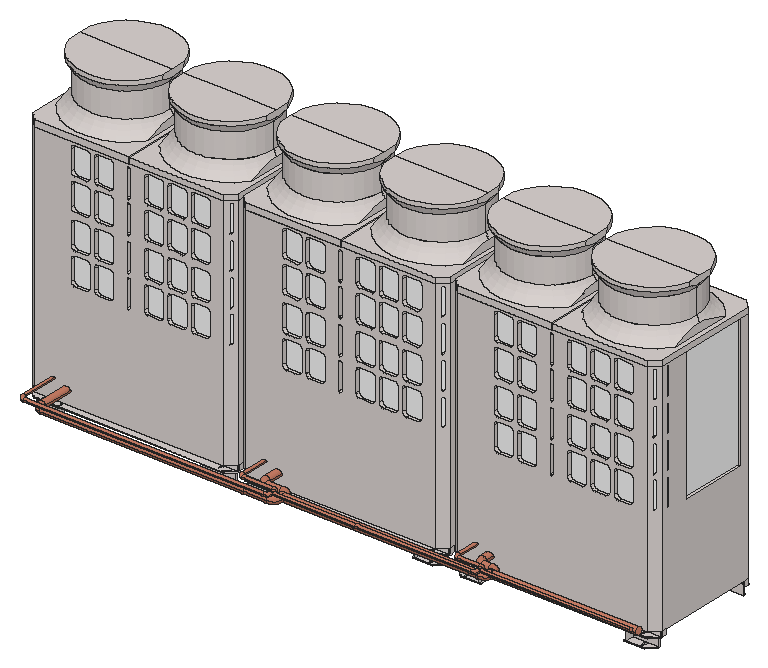
Revit family "PUHY-EP1300YSNW-A", category Mechanical Equipment, Revit 2012 (continued)
Definition of nested family "PUHY-EP450YNW-A"
  Dimensions and locks
    cut or joined group 1 (Extrusion 1, Extrusion 2, Extrusion 3, Extrusion 4, Extrusion 5, Extrusion 6, Extrusion 7, Extrusion 8, Extrusion 9, Extrusion 10, Extrusion 11, Extrusion 12, Extrusion 13, Extrusion 14, Extrusion 15, Extrusion 16, Extrusion 17, Extrusion 18, Extrusion 19, Extrusion 20, Extrusion 21, Extrusion 22, Extrusion 23, Extrusion 24, Extrusion 25, Extrusion 26, Extrusion 27, Extrusion 28, Extrusion 29, Extrusion 30, Extrusion 31, Extrusion 32, Extrusion 33) to plane 3 "Center (Left/Right)" = 620 mm
    Extrusion 1 sketch curve to Extrusion 1 sketch curve = 1240 mm
    cut or joined group 1 to plane 8 = 185 mm
    cut or joined group 1 to plane 7 = 166 mm
    cut or joined group 1 to plane 6 = 110 mm
    cut or joined group 1 to plane 12 to cut or joined group 1 = 805 mm, 621 mm
    plane 5 to plane 2 = 1858 mm  (x2)
    cut or joined group 1 to plane 19 "132" = 132 mm
    cut or joined group 1 to plane 22 = 207 mm
    cut or joined group 1 to plane 23 = 256 mm
    cut or joined group 1 to plane 6 = 60 mm
    cut or joined group 1 to cut or joined group 1 = 42.154 mm
    cut or joined group 1 to cut or joined group 1 = 11.895 mm
    nested 1 to nested 3 to level = 1798 mm, 60 mm
    nested 1 to nested 1 = 303 mm
    nested 1 to nested 3 = 1495 mm
    nested 8 to nested 8 to nested 8 to nested 7 to nested 7 to nested 7 = 54 mm, 20 mm, 592 mm, 20 mm, 54 mm
    nested 3 to nested 3 = 56 mm
    plane 11 to plane 31 to plane 32 to cut or joined group 1 = 90 mm, 1060 mm, 90 mm
    curve 103 to nested 7 = 90 mm
    curve 104 to nested 7 = 125 mm
    curve 101 to nested 7 = 100 mm
    curve 11 to curve 13 to nested 7 = 84 mm, 71 mm
    cut or joined group 1 to curve 12 to curve 14 = 125 mm, 148 mm
    nested 2 to nested 7 = 1495 mm
    curve 87 to cut or joined group 1 = 152 mm
    curve 88 to cut or joined group 1 = 172 mm
    curve 89 to cut or joined group 1 = 216 mm
    cut or joined group 1 to curve 4 to curve 2 = 128 mm, 150 mm
    cut or joined group 1 to curve 1 to curve 3 = 79 mm, 94 mm
    Extrusion 32 sketch curve to nested 7 = 116 mm
    cut or joined group 1 to Extrusion 32 sketch curve = 160 mm
    cut or joined group 1 to Extrusion 33 sketch curve = 243 mm
    Extrusion 33 sketch curve to nested 7 = 116 mm
    aligned and locked: level to plane 2
    aligned and locked: Extrusion 1 to plane 4
  Nested families
    nested 1: "FAN GUARD" at (-311.5, 2, 860), type "FAN GUARD"
      with WIDTH 870 mm
    nested 2: "FAN GUARD" at (311.5, 2, 860) x (-1, 0, 0) z (0, 0, 1), type "FAN GUARD"
      with WIDTH 870 mm
    nested 3: "ATTACHMENT LEG" at (-524, -349, 0), type "ATTACHMENT LEG"
    nested 4: "ATTACHMENT LEG" at (-524, 349, 0), type "ATTACHMENT LEG"
    nested 5: "ATTACHMENT LEG" at (524, -349, 0) x (-1, 0, 0) z (0, 0, 1), type "ATTACHMENT LEG"
    nested 6: "ATTACHMENT LEG" at (524, 349, 0) x (-1, 0, 0) z (0, 0, 1), type "ATTACHMENT LEG"
    nested 7: "BASE LEG_L_" at (0, -352, 60), type "BASE LEG_L_"
      with Width 1240 mm
    nested 8: "BASE LEG_L_" at (0, 352, 60), type "BASE LEG_L_"
      with Width 1240 mm
  Connectors
    piping at (-460, -191, 176), driven by "Liquid pipe_radius"
      settings: on cut or joined group 1, index 3, connector radius 12.7 mm, flow factor 0, pipe flow 0.0 L/s, pressure drop 0.0 Pa, fitting loss kfactor 0, connector angle 0.00°, fixture units 0, engagement length 0 mm, flow configuration 0, flow direction 0, fitting loss method 0, system type 22, joint type 0, gender type 0, connector reference index -1, connector utility 0, adjustable connector no, is connector primary yes, fitting loss table "", connector description "Refrigerant service valve<Liquid pipe>"
    piping at (-377, -191, 176), driven by "Gas pipe_radius"
      settings: on cut or joined group 1, index 4, connector radius 14.29 mm, flow factor 0, pipe flow 0.0 L/s, pressure drop 0.0 Pa, fitting loss kfactor 0, connector angle 0.00°, fixture units 0, engagement length 0 mm, flow configuration 0, flow direction 0, fitting loss method 0, system type 22, joint type 0, gender type 0, connector reference index -1, connector utility 0, adjustable connector no, is connector primary no, fitting loss table "", connector description "Refrigerant service valve<Gas>"
    electrical at (0, -370, 808)
      settings: on cut or joined group 1, index 5, voltage 0 V, apparent load 0 VA, apparent load phase1 0 VA, apparent load phase2 0 VA, apparent load phase3 0 VA, power factor 1, load classification "HVAC", number of poles 1, system type 30, power factor state 1, is connector primary yes, connector utility no, sub classification motor no, connector description ""
  Definition of nested family "FAN GUARD"
    Parameters (values of type "FAN GUARD")
      WIDTH [instance] = 870 mm
    Reference planes
      plane 1 "中心(正面/背面)": y = -2
      plane 2: z = 0
      plane 3 "ファンガード基準面": z = 661
      plane 4: y = 368
      plane 5: x = 366
      plane 6: x = -375
      plane 7 "ファンガード基準上面": z = 695
      plane 8 "ファンガード上面": z = 998
      plane 9: x = -273.971
      plane 10: x = 308.5
      plane 11: x = -308.5
      plane 12: x = 0
    Forms (mm)
      Extrusion 1, solid, material "Paint_5Y 8/1"
        sketch origin (85, 0, 661) x (-1, 0, 0) y (0, -1, 0)
          loop
            line (343.5, -368) -> (393.5, -318) -> (393.5, 322) -> (343.5, 372) -> (-223.5, 372) -> (-223.5, -368) -> (343.5, -368)
        from 0 to 34
      Revolve 2, solid, material "Paint_5Y 8/1"
        sketch origin (0, -2, 0) x (1, 0, 0) y (0, 0, 1)
          loop
            line (0, 695) -> (0, 998) -> (-290, 998) -> (-290, 972.327) -> (-260, 928.372) -> (-260, 777.384)
            arc (-260, 777.384) -> (-290.651, 730.137) -> (-334.665, 695) r 175.882
            line (-334.665, 695) -> (0, 695)
          axis (0, 998) -> (0, 695)
        angle from 0 to 360
      Extrusion 3, void
        sketch origin (-840, 75, 695) x (-1, 0, 0) y (0, -1, 0)
          loop
            line (-410, -165) -> (-410, 315) -> (-561.253, 315) -> (-561.253, -165) -> (-410, -165)
        from -35 to 430.592
      Extrusion 4, void
        sketch origin (840, 75, 695) x (1, 0, 0) y (0, 1, 0)
          loop
            line (-410, 165) -> (-561.253, 165) -> (-561.253, -315) -> (-410, -315) -> (-410, 165)
        from 0 to 430.592
    Cuts and joins
      Extrusion 3, Extrusion 4 cuts Revolve 2
      Extrusion 4 cuts Extrusion 1
    Lines and regions (mm)
      model lines
        curve 1: line (-278.747, 0, 998) -> (-80, 0, 998)
        curve 2: line (80, 0, 998) -> (278.747, 0, 998)
        curve 3: circle (0, 0, 998) r 80 normal (0, 0, 1)
        curve 4: line (-278.747, -80, 998) -> (278.747, -80, 998)
        curve 5: line (-241.868, -160, 998) -> (241.868, -160, 998)
        curve 6: line (-162.788, -240, 998) -> (162.788, -240, 998)
        curve 7: line (-278.747, 80, 998) -> (278.747, 80, 998)
        curve 8: line (-241.868, 160, 998) -> (240, 160, 998)
        curve 9: line (-160, 240, 998) -> (162.788, 240, 998)
        curve 10: line (0, 290, 998) -> (0, -290, 998)
        curve 11: line (-20, 289.31, 998) -> (-20, -289.31, 998)
        curve 12: line (-40, 287.228, 998) -> (-40, -287.228, 998)
        curve 13: line (-60, 283.725, 998) -> (-60, -283.725, 998)
        curve 14: line (-80, 278.747, 998) -> (-80, -278.747, 998)
        curve 15: line (20, 289.31, 998) -> (20, -289.31, 998)
        curve 16: line (40, 287.228, 998) -> (40, -287.228, 998)
        curve 17: line (60, 283.725, 998) -> (60, -283.725, 998)
        curve 18: line (80, 278.747, 998) -> (80, -278.747, 998)
        curve 19: line (100, 272.213, 998) -> (100, -272.213, 998)
        curve 20: line (120, 264.008, 998) -> (120, -264.008, 998)
        curve 21: line (140, 253.969, 998) -> (140, -253.969, 998)
        curve 22: line (160, 241.868, 998) -> (160, -243.132, 998)
        curve 23: line (180, 227.376, 998) -> (180, -227.624, 998)
        curve 24: line (200, 210, 998) -> (200, -210, 998)
        curve 25: line (220, 188.944, 998) -> (220, -188.944, 998)
        curve 26: line (240, 160, 998) -> (240, -162.788, 998)
        curve 27: line (260, 128.452, 998) -> (260, -128.452, 998)
        curve 28: line (-100, 272.213, 998) -> (-100, -272.213, 998)
        curve 29: line (-120, 264.008, 998) -> (-120, -264.008, 998)
        curve 30: line (-140, 253.969, 998) -> (-140, -253.969, 998)
        curve 31: line (-160, 240, 998) -> (-160, -241.868, 998)
        curve 32: line (-180, 227.376, 998) -> (-180, -227.376, 998)
        curve 33: line (-200, 210, 998) -> (-200, -210, 998)
        curve 34: line (-220, 188.944, 998) -> (-220, -188.944, 998)
        curve 35: line (-240, 162.788, 998) -> (-240, -162.788, 998)
        curve 36: line (-260, 128.452, 998) -> (-260, -128.452, 998)
        curve 37: line (10, 79.373, 998) -> (10, -79.373, 998)
        curve 38: line (-10, 79.373, 998) -> (-10, -79.373, 998)
        curve 39: line (30, 74.162, 998) -> (30, -74.162, 998)
        curve 40: line (50, 62.45, 998) -> (50, -62.45, 998)
        curve 41: line (70, 38.73, 998) -> (70, -38.73, 998)
        curve 42: line (-30, 74.162, 998) -> (-30, -74.162, 998)
        curve 43: line (-50, 62.45, 998) -> (-50, -62.45, 998)
        curve 44: line (-70, 38.73, 998) -> (-70, -38.73, 998)
    Dimensions and locks
      locked: plane 8 "ファンガード上面" to plane 7 "ファンガード基準上面" at 303
      plane 8 "ファンガード上面" to plane 3 "ファンガード基準面" = 337 mm
      Revolve 2 sketch curve to Revolve 2 sketch curve = 290 mm
      Extrusion 1 sketch curve to Extrusion 1 sketch curve = 740 mm
      equal spacing: Extrusion 1 sketch curve, plane 1 "中心(正面/背面)", Extrusion 1 sketch curve
      plane 6 to plane 5 = 741 mm
      Extrusion 1 sketch curve to Extrusion 1 sketch curve = 617 mm
      plane 11 to plane 10 = 617 mm
      cut or joined group of Extrusion 1, Extrusion 4 to cut or joined group of Extrusion 1, Extrusion 4 = 617 mm
      cut or joined group of Extrusion 1, Extrusion 4 to cut or joined group of Extrusion 1, Extrusion 4 = 740 mm
      aligned and locked: level to plane 2
      aligned and locked: plane 7 "ファンガード基準上面" to Extrusion 1
      aligned and locked: plane 3 "ファンガード基準面" to Extrusion 1
      aligned and locked: cut or joined group of Revolve 2, Extrusion 3, Extrusion 4 to plane 8 "ファンガード上面"
  Definition of nested family "ATTACHMENT LEG"
    Parameters (values of type "ATTACHMENT LEG")
      Width = 145 mm
    Reference planes
      plane 1: z = 0
      plane 2 "中心(左/右)": x = -6
      plane 3: x = -52
      plane 4: x = 85
      plane 5: x = 93
      plane 6: y = -21
      plane 7: y = 27
      plane 8: x = -30
      plane 9: y = 39
      plane 10: z = 60
      plane 11: z = 57
      plane 12: z = 3
      plane 13: x = 82
      plane 14: y = 36
      plane 15: x = -75
      plane 16: y = 31
      plane 17 "幅": x = 93
      plane 18: y = 2.5
      plane 19: y = 21
      plane 20: y = -10
    Forms (mm)
      Extrusion 1, solid, material "Paint_5Y 8/1"
        sketch origin (0, -1, 0) x (1, 0, 0) y (0, 1, 0)
          loop
            line (-75, 36) -> (-75, 27) -> (-28, -20) -> (93, -20) -> (93, 32) -> (85, 32) -> (85, 36) -> (-75, 36)
        from 0 to 60
      Extrusion 2, void
        sketch origin (0, -3, 0) x (1, 0, 0) y (0, 0, 1)
          loop
            line (-75, 57) -> (-75, 3) -> (82, 3) -> (82, 57) -> (-75, 57)
          loop
            line (93, 57) -> (85, 57) -> (85, 3) -> (93, 3) -> (93, 57)
        from -35 to 18
      Extrusion 3, void
        sketch origin (-6, 5.5, 0) x (1, 0, 0) y (0, 1, 0)
          loop
            arc (-7, -8.5) -> (0, -15.5) -> (7, -8.5) r 7
            line (7, -8.5) -> (7, 8.5)
            arc (7, 8.5) -> (0, 15.5) -> (-7, 8.5) r 7
            line (-7, 8.5) -> (-7, -8.5)
        from 0 to 60
    Cuts and joins
      Extrusion 2, Extrusion 3 cuts Extrusion 1
    Dimensions and locks
      locked: plane 3 to plane 4 at 137
      locked: plane 3 to plane 5 at 145
      plane 6 to plane 7 = 48 mm
      locked: plane 10 to level at 60
      Extrusion 3 sketch curve to plane 2 "中心(左/右)" = 7 mm
      locked: plane 15 to plane 2 "中心(左/右)" at 69
      locked: plane 15 to plane 8 at 45
      locked: plane 6 to plane 18 at 23.5
      cut or joined group of Extrusion 1, Extrusion 2, Extrusion 3 to cut or joined group of Extrusion 1, Extrusion 2, Extrusion 3 = 168 mm
      cut or joined group of Extrusion 1, Extrusion 2, Extrusion 3 to cut or joined group of Extrusion 1, Extrusion 2, Extrusion 3 = 56 mm  (x2)
      plane 14 to plane 6 = 57 mm
      aligned and locked: level to plane 1
      aligned and locked: Extrusion 1 sketch curve to plane 4
      aligned and locked: Extrusion 1 sketch curve to plane 5
      aligned: plane 8 to Extrusion 1 sketch curve
      aligned and locked: plane 10 to Extrusion 1
      aligned and locked: Extrusion 2 sketch curve to plane 11
      aligned: plane 3 to Extrusion 2 sketch curve
      aligned and locked: plane 12 to Extrusion 2 sketch curve
      aligned and locked: Extrusion 2 sketch curve to plane 13
      aligned and locked: plane 6 to Extrusion 2
      aligned and locked: plane 11 to Extrusion 2 sketch curve
      aligned and locked: plane 5 to Extrusion 2 sketch curve
      aligned and locked: Extrusion 2 sketch curve to plane 12
      aligned and locked: Extrusion 2 sketch curve to plane 4
      aligned and locked: plane 15 to Extrusion 1 sketch curve
      aligned and locked: Extrusion 2 sketch curve to cut or joined group of Extrusion 1, Extrusion 2, Extrusion 3
      aligned and locked: Extrusion 1 to plane 16
  Definition of nested family "BASE LEG_L_"
    Parameters (values of type "BASE LEG_L_")
      Width [instance] = 1240 mm
    Reference planes
      plane 1 "中心(正面/背面)": y = 0
      plane 2: z = 0
      plane 3 "中心(左/右)": x = 0
      plane 4: x = 620
      plane 5: x = -620
      plane 6: x = -530
      plane 7: x = 530
      plane 8: y = -18
      plane 9: y = 39
      plane 10: z = 53
      plane 11: y = 42
      plane 12: y = 27
      plane 13: x = 575
      plane 14: x = -575
      plane 15: z = 8
      plane 16: y = 11.5
      plane 17: z = 35
    Forms (mm)
      Extrusion 1, solid, material "Paint_5Y 8/1"
        sketch origin (0, 0, 0) x (0, 1, 0) y (0, 0, 1)
          loop
            line (-18, 0) -> (36, 0) -> (36, 32) -> (56, 32) -> (56, 35) -> (33, 35) -> (33, 3) -> (-18, 3) -> (-18, 0)
        from -620 to 620
      Extrusion 2, void
        sketch origin (0, 0, 0) x (1, 0, 0) y (0, 1, 0)
          loop
            line (575, -18) -> (620, -18) -> (620, 27) -> (575, -18)
          loop
            line (-575, -18) -> (-620, 27) -> (-620, -18) -> (-575, -18)
        from 0 to 250
      Extrusion 3, void
        sketch origin (0, 12.023, 0) x (1, 0, 0) y (0, 1, 0)
          loop
            arc (523, -2.971) -> (530, -9.971) -> (537, -2.971) r 7
            line (537, -2.971) -> (537, 3.023)
            arc (537, 3.023) -> (530, 10.023) -> (523, 3.023) r 7
            line (523, 3.023) -> (523, -2.971)
          loop
            line (-523, -2.971) -> (-523, 3.023)
            arc (-523, 3.023) -> (-530, 10.023) -> (-537, 3.023) r 7
            line (-537, 3.023) -> (-537, -2.971)
            arc (-537, -2.971) -> (-530, -9.971) -> (-523, -2.971) r 7
        from 0 to 250
      Extrusion 4, solid, material "Paint_5Y 8/1"
        sketch origin (0, 0, -3) x (1, 0, 0) y (0, 0, 1)
          loop
            line (617, 8) -> (620, 8) -> (620, 35) -> (617, 35) -> (617, 8)
          loop
            line (-617, 8) -> (-617, 35) -> (-620, 35) -> (-620, 8) -> (-617, 8)
        from -36 to -56
      Extrusion 5, solid, material "Paint_5Y 8/1"
        sketch origin (150, 352, 0) x (1, 0, 0) y (0, 1, 0)
          loop
            line (460, -319) -> (455, -319) -> (455, -320) -> (405, -370) -> (410, -370) -> (460, -320) -> (460, -319)
        from 3 to 35
      Extrusion 6, void
        sketch origin (560, -18, 0) x (0.707107, 0.707107, 0) y (0, 0, 1)
          loop
            line (70.711, 3) -> (-6.741, 39.767) -> (-6.741, 3) -> (70.711, 3)
        from -190.256 to 23.776
      Extrusion 7, solid, material "Paint_5Y 8/1"
        sketch origin (-150, 352, 0) x (-1, 0, 0) y (0, -1, 0)
          loop
            line (460, 319) -> (460, 320) -> (410, 370) -> (405, 370) -> (455, 320) -> (455, 319) -> (460, 319)
        from 3 to 35
      Extrusion 8, void
        sketch origin (-560, -18, 0) x (0.707107, -0.707107, 0) y (0, 0, -1)
          loop
            line (-70.711, -3) -> (0, -35) -> (6.741, -35) -> (6.741, -3) -> (-70.711, -3)
        from -190.256 to 23.776
    Cuts and joins
      Extrusion 2, Extrusion 3 cuts Extrusion 1
      joined: Extrusion 1, Extrusion 4
      Extrusion 8 cuts Extrusion 7
      Extrusion 6 cuts Extrusion 5
    Dimensions and locks
      "Width": plane 5 to plane 4
      equal spacing: plane 5, plane 3 "中心(左/右)", plane 4
      locked: plane 5 to plane 6 at 90
      locked: plane 7 to plane 4 at 90
      locked: plane 8 to plane 9 at 57
      locked: plane 10 to level at 53
      locked: plane 9 to plane 11 at 3
      plane 8 to plane 12 = 45 mm
      locked: plane 13 to plane 4 at 45
      locked: plane 5 to plane 14 at 45
      equal spacing: Extrusion 3 sketch curve, plane 7, Extrusion 3 sketch curve
      equal spacing: Extrusion 3 sketch curve, plane 6, Extrusion 3 sketch curve
      locked: plane 10 to plane 15 at 45
      locked: cut or joined group of Extrusion 1, Extrusion 2, Extrusion 3, Extrusion 4 to Extrusion 4 sketch curve at 3  (x2)
      locked: plane 8 to plane 16 at 29.5
      plane 8 to plane 11 = 60 mm
      cut or joined group of Extrusion 1, Extrusion 2, Extrusion 3, Extrusion 4 to cut or joined group of Extrusion 1, Extrusion 2, Extrusion 3, Extrusion 4 = 35 mm
      aligned and locked: level to plane 2
      aligned and locked: plane 8 to Extrusion 1 sketch curve
      aligned and locked: plane 4 to Extrusion 1
      aligned and locked: Extrusion 1 to plane 5
      aligned and locked: Extrusion 2 sketch curve to plane 4
      aligned and locked: Extrusion 2 sketch curve to plane 8
      aligned and locked: plane 12 to Extrusion 2 sketch curve
      aligned and locked: plane 13 to Extrusion 2 sketch curve
      aligned and locked: plane 4 to Extrusion 4 sketch curve
      aligned and locked: plane 5 to Extrusion 4 sketch curve
      aligned and locked: cut or joined group of Extrusion 7, Extrusion 8 to cut or joined group of Extrusion 1, Extrusion 2, Extrusion 3, Extrusion 4
    Automatic sketch dimensions
      Extrusion 3 sketch curve to plane 1 "中心(正面/背面)" = 9.052 mm  (x2)
      Extrusion 3 sketch curve to plane 7 = 7 mm
      Extrusion 3 sketch curve to plane 1 "中心(正面/背面)" = 15.046 mm  (x2)
      Extrusion 3 sketch curve to plane 6 = 7 mm
      Extrusion 2 sketch curve to plane 5 = 0 mm
      plane 8 to Extrusion 2 sketch curve = 0 mm
      Extrusion 2 sketch curve to plane 14 = 0 mm
      plane 12 to Extrusion 2 sketch curve = 0 mm
      Extrusion 4 sketch curve to plane 10 = 21 mm
      plane 7 to Extrusion 5 sketch curve = 25 mm
      Extrusion 5 sketch curve to Extrusion 5 sketch curve = 5 mm  (x2)
      plane 7 to Extrusion 5 sketch curve = 75 mm
      plane 8 to Extrusion 5 sketch curve = 0 mm
      Extrusion 5 sketch curve to Extrusion 5 sketch curve = 50 mm
      Extrusion 5 sketch curve to Extrusion 5 sketch curve = 0 mm
      Extrusion 5 sketch curve to Extrusion 5 sketch curve = 1 mm
      Extrusion 6 sketch curve to Extrusion 5 = 0 mm  (x2)
      Extrusion 6 sketch curve to Extrusion 5 = 6.741 mm
      Extrusion 6 sketch curve to Extrusion 5 = 4.767 mm
      plane 6 to Extrusion 7 sketch curve = 25 mm
      Extrusion 7 sketch curve to Extrusion 7 sketch curve = 5 mm  (x2)
      Extrusion 7 sketch curve to Extrusion 7 sketch curve = 45 mm
      Extrusion 7 sketch curve to plane 8 = 0 mm
      Extrusion 7 sketch curve to Extrusion 7 sketch curve = 50 mm
      Extrusion 7 sketch curve to Extrusion 7 sketch curve = 0 mm
      Extrusion 7 sketch curve to Extrusion 7 sketch curve = 1 mm
      Extrusion 8 sketch curve to Extrusion 7 = 0 mm  (x2)
      Extrusion 7 to Extrusion 8 sketch curve = 0 mm  (x2)
      Extrusion 7 to Extrusion 8 sketch curve = 6.741 mm
      Extrusion 4 sketch curve to plane 17 = 3 mm
      Extrusion 4 sketch curve to plane 15 = 3 mm  (x2)
      Extrusion 1 sketch curve to plane 17 = 0 mm
      Extrusion 1 sketch curve to level = 0 mm
      level to Extrusion 1 sketch curve = 3 mm
      plane 9 to Extrusion 1 sketch curve = 6 mm
      plane 9 to Extrusion 1 sketch curve = 3 mm
      Extrusion 1 sketch curve to plane 17 = 3 mm
      Extrusion 1 sketch curve to plane 11 = 14 mm
Definition of nested family "PUHY-EP400YNW-A"
  Parameters (values of type "PUHY-P400YNW-A")
    Model = "PUHY-P400YNW-A"
    URL = "http://www.mitsubishielectric.com/"
    Manufacturer = "Mitsubishi Electric Corporation"
    Liquid pipe_radius = 12.7 mm
    Gas pipe_radius = 14.29 mm
  Reference planes
    plane 1 "Center (Front/Back)": y = 0
    plane 2: z = 0
    plane 3 "Center (Left/Right)": x = 0
    plane 4: y = 370
    plane 5: z = 1858
    plane 6: y = -260
    plane 7: y = -204
    plane 8: y = -185
    plane 9: x = -620
    plane 10: x = 620
    plane 11: x = -620
    plane 12: z = 716
    plane 13: x = -524
    plane 14: z = 669
    plane 15: x = -50.5
    plane 16: x = 51
    plane 17: x = 489
    plane 18: x = 467
    plane 19 "132": x = 488
    plane 20 "100": z = 160
    plane 21: z = 185
    plane 22: x = 413
    plane 23: x = 364
    plane 24: z = 150
    plane 25: x = -287.25
    plane 26: x = -137.25
    plane 27: x = -272.25
    plane 28: y = -278
    plane 29: z = 1509
    plane 30: y = -370
    plane 31: x = -530
    plane 32: x = 530
    plane 33 "179": y = -191
  Forms (mm)
    Extrusion 1, solid, material "Paint_5Y 8/1"
      sketch origin (-1, 0, 113) x (-1, 0, 0) y (0, -1, 0)
        loop
          line (569, -370) -> (619, -320) -> (619, 320) -> (569, 370) -> (-571, 370) -> (-621, 320) -> (-621, -320) -> (-571, -370) -> (569, -370)
      from -18 to 1408
    Extrusion 2, void
      sketch origin (524, -370, 113) x (1, 0, 0) y (0, 0, -1)
        loop
          arc (-60.8, -1393.5) -> (-42.557, -1385.943) -> (-35, -1367.7) r 25.8
          line (-35, -1367.7) -> (-35, -1248.5)
          arc (-35, -1248.5) -> (-42.557, -1230.257) -> (-60.8, -1222.7) r 25.8
          line (-60.8, -1222.7) -> (-126, -1222.7)
          arc (-126, -1222.7) -> (-144.243, -1230.257) -> (-151.8, -1248.5) r 25.8
          line (-151.8, -1248.5) -> (-151.8, -1367.7)
          arc (-151.8, -1367.7) -> (-144.243, -1385.943) -> (-126, -1393.5) r 25.8
          line (-126, -1393.5) -> (-60.8, -1393.5)
      from 0 to 20
    Extrusion 3, void
      sketch origin (524, -370, -81) x (1, 0, 0) y (0, 0, -1)
        loop
          arc (-60.8, -1393.5) -> (-42.557, -1385.943) -> (-35, -1367.7) r 25.8
          line (-35, -1367.7) -> (-35, -1248.5)
          arc (-35, -1248.5) -> (-42.557, -1230.257) -> (-60.8, -1222.7) r 25.8
          line (-60.8, -1222.7) -> (-126, -1222.7)
          arc (-126, -1222.7) -> (-144.243, -1230.257) -> (-151.8, -1248.5) r 25.8
          line (-151.8, -1248.5) -> (-151.8, -1367.7)
          arc (-151.8, -1367.7) -> (-144.243, -1385.943) -> (-126, -1393.5) r 25.8
          line (-126, -1393.5) -> (-60.8, -1393.5)
      from 0 to 20
    Extrusion 4, void
      sketch origin (524, -370, -287) x (1, 0, 0) y (0, 0, -1)
        loop
          arc (-60.8, -1393.5) -> (-42.557, -1385.943) -> (-35, -1367.7) r 25.8
          line (-35, -1367.7) -> (-35, -1248.5)
          arc (-35, -1248.5) -> (-42.557, -1230.257) -> (-60.8, -1222.7) r 25.8
          line (-60.8, -1222.7) -> (-126, -1222.7)
          arc (-126, -1222.7) -> (-144.243, -1230.257) -> (-151.8, -1248.5) r 25.8
          line (-151.8, -1248.5) -> (-151.8, -1367.7)
          arc (-151.8, -1367.7) -> (-144.243, -1385.943) -> (-126, -1393.5) r 25.8
          line (-126, -1393.5) -> (-60.8, -1393.5)
      from 0 to 20
    Extrusion 5, void
      sketch origin (524, -370, -481) x (1, 0, 0) y (0, 0, -1)
        loop
          arc (-60.8, -1393.5) -> (-42.557, -1385.943) -> (-35, -1367.7) r 25.8
          line (-35, -1367.7) -> (-35, -1248.5)
          arc (-35, -1248.5) -> (-42.557, -1230.257) -> (-60.8, -1222.7) r 25.8
          line (-60.8, -1222.7) -> (-126, -1222.7)
          arc (-126, -1222.7) -> (-144.243, -1230.257) -> (-151.8, -1248.5) r 25.8
          line (-151.8, -1248.5) -> (-151.8, -1367.7)
          arc (-151.8, -1367.7) -> (-144.243, -1385.943) -> (-126, -1393.5) r 25.8
          line (-126, -1393.5) -> (-60.8, -1393.5)
      from 0 to 20
    Extrusion 6, void
      sketch origin (384, -370, 113) x (1, 0, 0) y (0, 0, -1)
        loop
          arc (-60.8, -1393.5) -> (-42.557, -1385.943) -> (-35, -1367.7) r 25.8
          line (-35, -1367.7) -> (-35, -1248.5)
          arc (-35, -1248.5) -> (-42.557, -1230.257) -> (-60.8, -1222.7) r 25.8
          line (-60.8, -1222.7) -> (-126, -1222.7)
          arc (-126, -1222.7) -> (-144.243, -1230.257) -> (-151.8, -1248.5) r 25.8
          line (-151.8, -1248.5) -> (-151.8, -1367.7)
          arc (-151.8, -1367.7) -> (-144.243, -1385.943) -> (-126, -1393.5) r 25.8
          line (-126, -1393.5) -> (-60.8, -1393.5)
      from 0 to 20
    Extrusion 7, void
      sketch origin (384, -370, -81) x (1, 0, 0) y (0, 0, -1)
        loop
          arc (-60.8, -1393.5) -> (-42.557, -1385.943) -> (-35, -1367.7) r 25.8
          line (-35, -1367.7) -> (-35, -1248.5)
          arc (-35, -1248.5) -> (-42.557, -1230.257) -> (-60.8, -1222.7) r 25.8
          line (-60.8, -1222.7) -> (-126, -1222.7)
          arc (-126, -1222.7) -> (-144.243, -1230.257) -> (-151.8, -1248.5) r 25.8
          line (-151.8, -1248.5) -> (-151.8, -1367.7)
          arc (-151.8, -1367.7) -> (-144.243, -1385.943) -> (-126, -1393.5) r 25.8
          line (-126, -1393.5) -> (-60.8, -1393.5)
      from 0 to 20
    Extrusion 8, void
      sketch origin (384, -370, -287) x (1, 0, 0) y (0, 0, -1)
        loop
          arc (-60.8, -1393.5) -> (-42.557, -1385.943) -> (-35, -1367.7) r 25.8
          line (-35, -1367.7) -> (-35, -1248.5)
          arc (-35, -1248.5) -> (-42.557, -1230.257) -> (-60.8, -1222.7) r 25.8
          line (-60.8, -1222.7) -> (-126, -1222.7)
          arc (-126, -1222.7) -> (-144.243, -1230.257) -> (-151.8, -1248.5) r 25.8
          line (-151.8, -1248.5) -> (-151.8, -1367.7)
          arc (-151.8, -1367.7) -> (-144.243, -1385.943) -> (-126, -1393.5) r 25.8
          line (-126, -1393.5) -> (-60.8, -1393.5)
      from 0 to 20
    Extrusion 9, void
      sketch origin (384, -370, -481) x (1, 0, 0) y (0, 0, -1)
        loop
          arc (-60.8, -1393.5) -> (-42.557, -1385.943) -> (-35, -1367.7) r 25.8
          line (-35, -1367.7) -> (-35, -1248.5)
          arc (-35, -1248.5) -> (-42.557, -1230.257) -> (-60.8, -1222.7) r 25.8
          line (-60.8, -1222.7) -> (-126, -1222.7)
          arc (-126, -1222.7) -> (-144.243, -1230.257) -> (-151.8, -1248.5) r 25.8
          line (-151.8, -1248.5) -> (-151.8, -1367.7)
          arc (-151.8, -1367.7) -> (-144.243, -1385.943) -> (-126, -1393.5) r 25.8
          line (-126, -1393.5) -> (-60.8, -1393.5)
      from 0 to 20
    Extrusion 10, void
      sketch origin (244, -370, 113) x (1, 0, 0) y (0, 0, -1)
        loop
          arc (-60.8, -1393.5) -> (-42.557, -1385.943) -> (-35, -1367.7) r 25.8
          line (-35, -1367.7) -> (-35, -1248.5)
          arc (-35, -1248.5) -> (-42.557, -1230.257) -> (-60.8, -1222.7) r 25.8
          line (-60.8, -1222.7) -> (-126, -1222.7)
          arc (-126, -1222.7) -> (-144.243, -1230.257) -> (-151.8, -1248.5) r 25.8
          line (-151.8, -1248.5) -> (-151.8, -1367.7)
          arc (-151.8, -1367.7) -> (-144.243, -1385.943) -> (-126, -1393.5) r 25.8
          line (-126, -1393.5) -> (-60.8, -1393.5)
      from 0 to 20
    Extrusion 11, void
      sketch origin (244, -370, -81) x (1, 0, 0) y (0, 0, -1)
        loop
          arc (-60.8, -1393.5) -> (-42.557, -1385.943) -> (-35, -1367.7) r 25.8
          line (-35, -1367.7) -> (-35, -1248.5)
          arc (-35, -1248.5) -> (-42.557, -1230.257) -> (-60.8, -1222.7) r 25.8
          line (-60.8, -1222.7) -> (-126, -1222.7)
          arc (-126, -1222.7) -> (-144.243, -1230.257) -> (-151.8, -1248.5) r 25.8
          line (-151.8, -1248.5) -> (-151.8, -1367.7)
          arc (-151.8, -1367.7) -> (-144.243, -1385.943) -> (-126, -1393.5) r 25.8
          line (-126, -1393.5) -> (-60.8, -1393.5)
      from 0 to 20
    Extrusion 12, void
      sketch origin (244, -370, -287) x (1, 0, 0) y (0, 0, -1)
        loop
          arc (-60.8, -1393.5) -> (-42.557, -1385.943) -> (-35, -1367.7) r 25.8
          line (-35, -1367.7) -> (-35, -1248.5)
          arc (-35, -1248.5) -> (-42.557, -1230.257) -> (-60.8, -1222.7) r 25.8
          line (-60.8, -1222.7) -> (-126, -1222.7)
          arc (-126, -1222.7) -> (-144.243, -1230.257) -> (-151.8, -1248.5) r 25.8
          line (-151.8, -1248.5) -> (-151.8, -1367.7)
          arc (-151.8, -1367.7) -> (-144.243, -1385.943) -> (-126, -1393.5) r 25.8
          line (-126, -1393.5) -> (-60.8, -1393.5)
      from 0 to 20
    Extrusion 13, void
      sketch origin (244, -370, -481) x (1, 0, 0) y (0, 0, -1)
        loop
          arc (-60.8, -1393.5) -> (-42.557, -1385.943) -> (-35, -1367.7) r 25.8
          line (-35, -1367.7) -> (-35, -1248.5)
          arc (-35, -1248.5) -> (-42.557, -1230.257) -> (-60.8, -1222.7) r 25.8
          line (-60.8, -1222.7) -> (-126, -1222.7)
          arc (-126, -1222.7) -> (-144.243, -1230.257) -> (-151.8, -1248.5) r 25.8
          line (-151.8, -1248.5) -> (-151.8, -1367.7)
          arc (-151.8, -1367.7) -> (-144.243, -1385.943) -> (-126, -1393.5) r 25.8
          line (-126, -1393.5) -> (-60.8, -1393.5)
      from 0 to 20
    Extrusion 14, void
      sketch origin (-56, -370, 113) x (1, 0, 0) y (0, 0, -1)
        loop
          arc (-60.8, -1393.5) -> (-42.557, -1385.943) -> (-35, -1367.7) r 25.8
          line (-35, -1367.7) -> (-35, -1248.5)
          arc (-35, -1248.5) -> (-42.557, -1230.257) -> (-60.8, -1222.7) r 25.8
          line (-60.8, -1222.7) -> (-126, -1222.7)
          arc (-126, -1222.7) -> (-144.243, -1230.257) -> (-151.8, -1248.5) r 25.8
          line (-151.8, -1248.5) -> (-151.8, -1367.7)
          arc (-151.8, -1367.7) -> (-144.243, -1385.943) -> (-126, -1393.5) r 25.8
          line (-126, -1393.5) -> (-60.8, -1393.5)
      from 0 to 20
    Extrusion 15, void
      sketch origin (-56, -370, -81) x (1, 0, 0) y (0, 0, -1)
        loop
          arc (-60.8, -1393.5) -> (-42.557, -1385.943) -> (-35, -1367.7) r 25.8
          line (-35, -1367.7) -> (-35, -1248.5)
          arc (-35, -1248.5) -> (-42.557, -1230.257) -> (-60.8, -1222.7) r 25.8
          line (-60.8, -1222.7) -> (-126, -1222.7)
          arc (-126, -1222.7) -> (-144.243, -1230.257) -> (-151.8, -1248.5) r 25.8
          line (-151.8, -1248.5) -> (-151.8, -1367.7)
          arc (-151.8, -1367.7) -> (-144.243, -1385.943) -> (-126, -1393.5) r 25.8
          line (-126, -1393.5) -> (-60.8, -1393.5)
      from 0 to 20
    Extrusion 16, void
      sketch origin (-56, -370, -287) x (1, 0, 0) y (0, 0, -1)
        loop
          arc (-60.8, -1393.5) -> (-42.557, -1385.943) -> (-35, -1367.7) r 25.8
          line (-35, -1367.7) -> (-35, -1248.5)
          arc (-35, -1248.5) -> (-42.557, -1230.257) -> (-60.8, -1222.7) r 25.8
          line (-60.8, -1222.7) -> (-126, -1222.7)
          arc (-126, -1222.7) -> (-144.243, -1230.257) -> (-151.8, -1248.5) r 25.8
          line (-151.8, -1248.5) -> (-151.8, -1367.7)
          arc (-151.8, -1367.7) -> (-144.243, -1385.943) -> (-126, -1393.5) r 25.8
          line (-126, -1393.5) -> (-60.8, -1393.5)
      from 0 to 20
    Extrusion 17, void
      sketch origin (-56, -370, -481) x (1, 0, 0) y (0, 0, -1)
        loop
          arc (-60.8, -1393.5) -> (-42.557, -1385.943) -> (-35, -1367.7) r 25.8
          line (-35, -1367.7) -> (-35, -1248.5)
          arc (-35, -1248.5) -> (-42.557, -1230.257) -> (-60.8, -1222.7) r 25.8
          line (-60.8, -1222.7) -> (-126, -1222.7)
          arc (-126, -1222.7) -> (-144.243, -1230.257) -> (-151.8, -1248.5) r 25.8
          line (-151.8, -1248.5) -> (-151.8, -1367.7)
          arc (-151.8, -1367.7) -> (-144.243, -1385.943) -> (-126, -1393.5) r 25.8
          line (-126, -1393.5) -> (-60.8, -1393.5)
      from 0 to 20
    Extrusion 18, void
      sketch origin (-196, -370, 113) x (1, 0, 0) y (0, 0, -1)
        loop
          arc (-60.8, -1393.5) -> (-42.557, -1385.943) -> (-35, -1367.7) r 25.8
          line (-35, -1367.7) -> (-35, -1248.5)
          arc (-35, -1248.5) -> (-42.557, -1230.257) -> (-60.8, -1222.7) r 25.8
          line (-60.8, -1222.7) -> (-126, -1222.7)
          arc (-126, -1222.7) -> (-144.243, -1230.257) -> (-151.8, -1248.5) r 25.8
          line (-151.8, -1248.5) -> (-151.8, -1367.7)
          arc (-151.8, -1367.7) -> (-144.243, -1385.943) -> (-126, -1393.5) r 25.8
          line (-126, -1393.5) -> (-60.8, -1393.5)
      from 0 to 20
    Extrusion 19, void
      sketch origin (-196, -370, -81) x (1, 0, 0) y (0, 0, -1)
        loop
          arc (-60.8, -1393.5) -> (-42.557, -1385.943) -> (-35, -1367.7) r 25.8
          line (-35, -1367.7) -> (-35, -1248.5)
          arc (-35, -1248.5) -> (-42.557, -1230.257) -> (-60.8, -1222.7) r 25.8
          line (-60.8, -1222.7) -> (-126, -1222.7)
          arc (-126, -1222.7) -> (-144.243, -1230.257) -> (-151.8, -1248.5) r 25.8
          line (-151.8, -1248.5) -> (-151.8, -1367.7)
          arc (-151.8, -1367.7) -> (-144.243, -1385.943) -> (-126, -1393.5) r 25.8
          line (-126, -1393.5) -> (-60.8, -1393.5)
      from 0 to 20
    Extrusion 20, void
      sketch origin (-196, -370, -287) x (1, 0, 0) y (0, 0, -1)
        loop
          arc (-60.8, -1393.5) -> (-42.557, -1385.943) -> (-35, -1367.7) r 25.8
          line (-35, -1367.7) -> (-35, -1248.5)
          arc (-35, -1248.5) -> (-42.557, -1230.257) -> (-60.8, -1222.7) r 25.8
          line (-60.8, -1222.7) -> (-126, -1222.7)
          arc (-126, -1222.7) -> (-144.243, -1230.257) -> (-151.8, -1248.5) r 25.8
          line (-151.8, -1248.5) -> (-151.8, -1367.7)
          arc (-151.8, -1367.7) -> (-144.243, -1385.943) -> (-126, -1393.5) r 25.8
          line (-126, -1393.5) -> (-60.8, -1393.5)
      from 0 to 20
    Extrusion 21, void
      sketch origin (-196, -370, -481) x (1, 0, 0) y (0, 0, -1)
        loop
          arc (-60.8, -1393.5) -> (-42.557, -1385.943) -> (-35, -1367.7) r 25.8
          line (-35, -1367.7) -> (-35, -1248.5)
          arc (-35, -1248.5) -> (-42.557, -1230.257) -> (-60.8, -1222.7) r 25.8
          line (-60.8, -1222.7) -> (-126, -1222.7)
          arc (-126, -1222.7) -> (-144.243, -1230.257) -> (-151.8, -1248.5) r 25.8
          line (-151.8, -1248.5) -> (-151.8, -1367.7)
          arc (-151.8, -1367.7) -> (-144.243, -1385.943) -> (-126, -1393.5) r 25.8
          line (-126, -1393.5) -> (-60.8, -1393.5)
      from 0 to 20
    Extrusion 22, void
      sketch origin (620, 320, 113) x (0, 1, 0) y (0, 0, -1)
        loop
          line (-462.3, -1408) -> (-50.8, -1408) -> (-50.8, -612) -> (-462.3, -612) -> (-462.3, -1408)
      from 0 to 20
    Extrusion 23, void
      sketch origin (-620, -320, 113) x (0, -1, 0) y (0, 0, -1)
        loop
          line (-535.7, -1408) -> (-207.7, -1408) -> (-207.7, -592) -> (-535.7, -592) -> (-535.7, -1408)
      from 0 to 20
    Extrusion 24, void
      sketch origin (194.892, 370, 113) x (-1, 0, 0) y (0, 0, -1)
        loop
          arc (204.892, -1225.013) -> (194.892, -1215.013) -> (184.892, -1225.013) r 10
          line (184.892, -1225.013) -> (184.892, -1379.987)
          arc (184.892, -1379.987) -> (194.892, -1389.987) -> (204.892, -1379.987) r 10
          line (204.892, -1379.987) -> (204.892, -1225.013)
        loop
          arc (204.892, -1031.013) -> (194.892, -1021.013) -> (184.892, -1031.013) r 10
          line (184.892, -1031.013) -> (184.892, -1185.987)
          arc (184.892, -1185.987) -> (194.892, -1195.987) -> (204.892, -1185.987) r 10
          line (204.892, -1185.987) -> (204.892, -1031.013)
        loop
          arc (204.892, -825.013) -> (194.892, -815.013) -> (184.892, -825.013) r 10
          line (184.892, -825.013) -> (184.892, -979.987)
          arc (184.892, -979.987) -> (194.892, -989.987) -> (204.892, -979.987) r 10
          line (204.892, -979.987) -> (204.892, -825.013)
        loop
          arc (204.892, -631.013) -> (194.892, -621.013) -> (184.892, -631.013) r 10
          line (184.892, -631.013) -> (184.892, -785.987)
          arc (184.892, -785.987) -> (194.892, -795.987) -> (204.892, -785.987) r 10
          line (204.892, -785.987) -> (204.892, -631.013)
      from 0 to 20
    Extrusion 25, void
      sketch origin (-570, 370, 113) x (0.707107, 0.707107, 0) y (0, 0, 1)
        loop
          arc (-45.355, 1236) -> (-35.355, 1226) -> (-25.355, 1236) r 10
          line (-25.355, 1236) -> (-25.355, 1386)
          arc (-25.355, 1386) -> (-35.355, 1396) -> (-45.355, 1386) r 10
          line (-45.355, 1386) -> (-45.355, 1236)
        loop
          arc (-45.355, 1036) -> (-35.355, 1026) -> (-25.355, 1036) r 10
          line (-25.355, 1036) -> (-25.355, 1186)
          arc (-25.355, 1186) -> (-35.355, 1196) -> (-45.355, 1186) r 10
          line (-45.355, 1186) -> (-45.355, 1036)
        loop
          arc (-45.355, 836) -> (-35.355, 826) -> (-25.355, 836) r 10
          line (-25.355, 836) -> (-25.355, 986)
          arc (-25.355, 986) -> (-35.355, 996) -> (-45.355, 986) r 10
          line (-45.355, 986) -> (-45.355, 836)
        loop
          arc (-45.355, 641) -> (-35.355, 631) -> (-25.355, 641) r 10
          line (-25.355, 641) -> (-25.355, 791)
          arc (-25.355, 791) -> (-35.355, 801) -> (-45.355, 791) r 10
          line (-45.355, 791) -> (-45.355, 641)
      from 0 to 20
    Extrusion 26, void
      sketch origin (-620, -320, 113) x (0, -1, 0) y (0, 0, -1)
        loop
          line (-607.846, -1035.895) -> (-607.846, -1186.105)
          arc (-607.846, -1186.105) -> (-597.846, -1196.105) -> (-587.846, -1186.105) r 10
          line (-587.846, -1186.105) -> (-587.846, -1035.895)
          arc (-587.846, -1035.895) -> (-597.846, -1025.895) -> (-607.846, -1035.895) r 10
        loop
          line (-607.846, -835.895) -> (-607.846, -986.105)
          arc (-607.846, -986.105) -> (-597.846, -996.105) -> (-587.846, -986.105) r 10
          line (-587.846, -986.105) -> (-587.846, -835.895)
          arc (-587.846, -835.895) -> (-597.846, -825.895) -> (-607.846, -835.895) r 10
        loop
          line (-607.846, -1235.895) -> (-607.846, -1386.105)
          arc (-607.846, -1386.105) -> (-597.846, -1396.105) -> (-587.846, -1386.105) r 10
          line (-587.846, -1386.105) -> (-587.846, -1235.895)
          arc (-587.846, -1235.895) -> (-597.846, -1225.895) -> (-607.846, -1235.895) r 10
        loop
          line (-607.846, -635.895) -> (-607.846, -786.105)
          arc (-607.846, -786.105) -> (-597.846, -796.105) -> (-587.846, -786.105) r 10
          line (-587.846, -786.105) -> (-587.846, -635.895)
          arc (-587.846, -635.895) -> (-597.846, -625.895) -> (-607.846, -635.895) r 10
      from 0 to 20
    Extrusion 27, void
      sketch origin (1079, -370, 113) x (1, 0, 0) y (0, 0, -1)
        loop
          arc (-1089, -1379.975) -> (-1079, -1389.975) -> (-1069, -1379.975) r 10
          line (-1069, -1379.975) -> (-1069, -1225)
          arc (-1069, -1225) -> (-1079, -1215) -> (-1089, -1225) r 10
          line (-1089, -1225) -> (-1089, -1379.975)
        loop
          arc (-1089, -1185.975) -> (-1079, -1195.975) -> (-1069, -1185.975) r 10
          line (-1069, -1185.975) -> (-1069, -1031)
          arc (-1069, -1031) -> (-1079, -1021) -> (-1089, -1031) r 10
          line (-1089, -1031) -> (-1089, -1185.975)
        loop
          arc (-1089, -979.975) -> (-1079, -989.975) -> (-1069, -979.975) r 10
          line (-1069, -979.975) -> (-1069, -825)
          arc (-1069, -825) -> (-1079, -815) -> (-1089, -825) r 10
          line (-1089, -825) -> (-1089, -979.975)
        loop
          arc (-1089, -785.975) -> (-1079, -795.975) -> (-1069, -785.975) r 10
          line (-1069, -785.975) -> (-1069, -631)
          arc (-1069, -631) -> (-1079, -621) -> (-1089, -631) r 10
          line (-1089, -631) -> (-1089, -785.975)
      from 0 to 20
    Extrusion 28, void
      sketch origin (-571, 370, 113) x (-1, 0, 0) y (0, 0, -1)
        loop
          line (-519.5, -1408) -> (-48, -1408) -> (-48, -556) -> (-519.5, -556) -> (-519.5, -1408)
      from 0 to 20
    Extrusion 29, void
      sketch origin (-571, 370, 113) x (-1, 0, 0) y (0, 0, -1)
        loop
          line (-1038, -1408) -> (-622, -1408) -> (-622, -556) -> (-1038, -556) -> (-1038, -1408)
      from 0 to 20
    Extrusion 30, void
      sketch origin (620, 320, 113) x (0, 1, 0) y (0, 0, -1)
        loop
          arc (-588, -1035.791) -> (-598, -1025.791) -> (-608, -1035.791) r 10
          line (-608, -1035.791) -> (-608, -1186)
          arc (-608, -1186) -> (-598, -1196) -> (-588, -1186) r 10
          line (-588, -1186) -> (-588, -1035.791)
        loop
          arc (-588, -835.791) -> (-598, -825.791) -> (-608, -835.791) r 10
          line (-608, -835.791) -> (-608, -986)
          arc (-608, -986) -> (-598, -996) -> (-588, -986) r 10
          line (-588, -986) -> (-588, -835.791)
        loop
          arc (-588, -1235.791) -> (-598, -1225.791) -> (-608, -1235.791) r 10
          line (-608, -1235.791) -> (-608, -1386)
          arc (-608, -1386) -> (-598, -1396) -> (-588, -1386) r 10
          line (-588, -1386) -> (-588, -1235.791)
        loop
          arc (-588, -635.791) -> (-598, -625.791) -> (-608, -635.791) r 10
          line (-608, -635.791) -> (-608, -786)
          arc (-608, -786) -> (-598, -796) -> (-588, -786) r 10
          line (-588, -786) -> (-588, -635.791)
      from 0 to 20
    Extrusion 31, void
      sketch origin (1291.751, 351.751, 113) x (0.707107, 0.707107, 0) y (0, 0, -1)
        loop
          line (-995.311, -1236) -> (-995.311, -1386)
          arc (-995.311, -1386) -> (-985.311, -1396) -> (-975.311, -1386) r 10
          line (-975.311, -1386) -> (-975.311, -1236)
          arc (-975.311, -1236) -> (-985.311, -1226) -> (-995.311, -1236) r 10
        loop
          line (-995.311, -1036) -> (-995.311, -1186)
          arc (-995.311, -1186) -> (-985.311, -1196) -> (-975.311, -1186) r 10
          line (-975.311, -1186) -> (-975.311, -1036)
          arc (-975.311, -1036) -> (-985.311, -1026) -> (-995.311, -1036) r 10
        loop
          line (-995.311, -836) -> (-995.311, -986)
          arc (-995.311, -986) -> (-985.311, -996) -> (-975.311, -986) r 10
          line (-975.311, -986) -> (-975.311, -836)
          arc (-975.311, -836) -> (-985.311, -826) -> (-995.311, -836) r 10
        loop
          line (-995.311, -641) -> (-995.311, -791)
          arc (-995.311, -791) -> (-985.311, -801) -> (-975.311, -791) r 10
          line (-975.311, -791) -> (-975.311, -641)
          arc (-975.311, -641) -> (-985.311, -631) -> (-995.311, -641) r 10
      from 0 to 20
    Extrusion 32, void
      sketch origin (0, -191, 0) x (-1, 0, 0) y (0, 0, 1)
        loop
          circle (460, 176) r 6.35
      from 0 to 78.7
    Extrusion 33, void
      sketch origin (0, -191, 0) x (-1, 0, 0) y (0, 0, 1)
        loop
          circle (377, 176) r 14.29
      from 0 to 78.7
  Cuts and joins
    Extrusion 2, Extrusion 3, Extrusion 4, Extrusion 5, Extrusion 6, Extrusion 7, Extrusion 8, Extrusion 9, Extrusion 10, Extrusion 11, Extrusion 12, Extrusion 13, Extrusion 14, Extrusion 15, Extrusion 16, Extrusion 17, Extrusion 18, Extrusion 19, Extrusion 20, Extrusion 21, Extrusion 22, Extrusion 23, Extrusion 24, Extrusion 25, Extrusion 26, Extrusion 27, Extrusion 28, Extrusion 29, Extrusion 30, Extrusion 31, Extrusion 32, Extrusion 33 cuts Extrusion 1
  Lines and regions (mm)
    model lines
      curve 1: line (-351, -291, 95) -> (-481, -291, 95)
      curve 2: line (-342, -206, 95) -> (-342, -282, 95)
      curve 3: line (-481, -197, 95) -> (-351, -197, 95)
      curve 4: line (-492, -280, 95) -> (-492, -208, 95)
      curve 5: arc (-492, -280, 95) -> (-488.778, -287.778, 95) -> (-481, -291, 95) r 11
      curve 6: arc (-351, -291, 95) -> (-344.636, -288.364, 95) -> (-342, -282, 95) r 9
      curve 7: arc (-342, -206, 95) -> (-344.636, -199.636, 95) -> (-351, -197, 95) r 9
      curve 8: arc (-481, -197, 95) -> (-488.778, -200.222, 95) -> (-492, -208, 95) r 11
      curve 9: line (-30, -370, 1521) -> (-30, -370, 95)
      curve 10: line (30, -370, 1521) -> (30, -370, 95)
      curve 11: line (-485, -370, 215) -> (-357, -370, 215)
      curve 12: line (-495, -370, 141) -> (-495, -370, 205)
      curve 13: line (-357, -370, 131) -> (-485, -370, 131)
      curve 14: line (-347, -370, 205) -> (-347, -370, 141)
      curve 15: arc (-485, -370, 215) -> (-492.071, -370, 212.071) -> (-495, -370, 205) r 10
      curve 16: arc (-495, -370, 141) -> (-492.071, -370, 133.929) -> (-485, -370, 131) r 10
      curve 17: arc (-357, -370, 131) -> (-349.929, -370, 133.929) -> (-347, -370, 141) r 10
      curve 18: arc (-347, -370, 205) -> (-349.929, -370, 212.071) -> (-357, -370, 215) r 10
      curve 19: line (-405, -370, 1521) -> (-405, -370, 716)
      curve 20: line (620, -162.3, 1521) -> (620, -162.3, 95)
      curve 21: line (620, 289.2, 1521) -> (620, 289.2, 95)
      curve 22: line (620, -162.3, 705) -> (620, 289.2, 705)
      curve 23: line (620, -162.3, 725) -> (620, 289.2, 725)
      curve 24: line (620, -76.8, 583) -> (620, 203.2, 583)
      curve 25: line (620, 203.2, 563) -> (620, -76.8, 563)
      curve 26: arc (620, -76.8, 583) -> (620, -83.871, 580.071) -> (620, -86.8, 573) r 10
